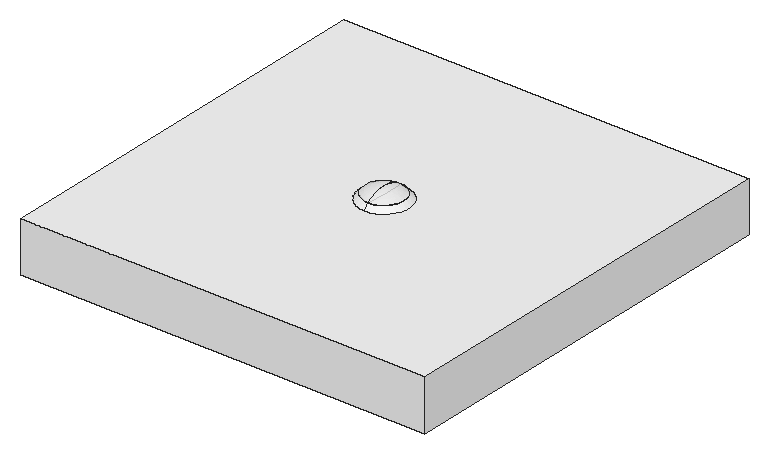
Revit family "Sarlam_Eclairage_Hublot_Chartres_Essentiel_T1_Diam_300mm_1500Lm", category Luminaires, Revit 2020
Family settings
  Hôte = Face
  Cote de connecteur circulaire = Utiliser le diamètre
  Type d'élément = Normal
  Couper avec des vides une fois chargée = Non
  Source d'éclairage = Oui
  Partagée = Non
  Point de calcul de pièce = Non
Parameters (values of type "Détection BLANC")
  Zone plafond formes 1à7 [instance] = and(not(Diamètre externe = 328 mm), or([Standard Formes 1-3-6]), not([Afficher la zone de détection-pose murale]), [Afficher la zone de détection-pose plafond])  # no
  Zone murale formes 1à7 [instance] = and(not(Diamètre externe = 328 mm), or([Standard Formes 1-3-6]), [Afficher la zone de détection-pose murale], not([Afficher la zone de détection-pose plafond]))  # no
  Zone de détection = "Détection à 2,5m haut Plafond: Ø6m maxi Mur: Ellipse 16*17m"
  URL = "http://www.legrandoc.com/SL532146"
  Type de variation = "Non régulable"
  Type de tension = "CA"
  Tension nominale (Un) V MIN = 207
  Tension nominale (Un) V MAX = 253
  built-in parameter 1150107 = 3200 (stored number, unit not read)
  Température de couleur K MIN = 4000
  Température de couleur K MAX = 4000
  Standard Formes 1-3-6 = yes
  Source lumineuse = "Led non interchangeable"
  Répartition lumineuse = "Symétrique"
  Puissance du système W = 15
  Puissance de la source lumineuse W = ""
  Puissance de la lampe en Multiwatt = "14/24W"
  Wattage = 9.2903 W
  built-in parameter 1150110 = 1 (stored number, unit not read)
  built-in parameter 1150109 = 1 (stored number, unit not read)
  built-in parameter 1114218 = 1 (stored number, unit not read)
  built-in parameter 1150113 = 1 (stored number, unit not read)
  built-in parameter 1150112 = 1 (stored number, unit not read)
  built-in parameter 1150137 = (empty or 0)
  built-in parameter 1150132 = (empty or 0)
  Modèle = "SL-532146"
  Longueur d'encastrement = 0 mm
  Longueur = 300 mm
  Largeur d'encastrement = 300 mm
  Largeur = 300 mm
  built-in parameter 1150105 = 109.82 (stored number, unit not read)
  built-in parameter 1150102 = (empty or 0)
  Hauteur/profondeur d'encastrement = 0 mm
  Hauteur/profondeur = 70 mm
  Dimming Lamp Color Temperature Shift = (empty or 0)
  Lumens = 1380 lm
  Color Filter = 16777215
  Fichier de distribution photométrique = "SL532106.ies"
  built-in parameter 1114217 = 1 (stored number, unit not read)
  built-in parameter 1150139 = (empty or 0)
  Fabricant = "LEGRAND"
  Emettre à partir du diamètre du cercle = 200 mm
  Emettre la visibilité des formes dans le rendu = no
  built-in parameter 1150104 = 13.8 (stored number, unit not read)
  built-in parameter 1150106 = 1.0982 (stored number, unit not read)
  built-in parameter 1150115 = 1 (stored number, unit not read)
  built-in parameter 1150114 = 1 (stored number, unit not read)
  Diamètre externe = 300 mm
  Diamètre d'encastrement = 0 mm
  Description = "CHARTRES ESSENTIEL 1500LM 4000K  STANDARD DETECTION HF BLANC"
  built-in parameter 1150138 = (empty or 0)
  built-in parameter 1150134 = 3
  Condition Générale d'Utilisation = "https://export.legrand.com/CGU-objets-BIM"
  Angle de l'inclinaison = 0.00°
  Afficher la zone de détection-pose plafond [instance] = no
  Afficher la zone de détection-pose murale [instance] = no
  Matériau du boîtier/corps = Plastique
  Indice de rendu des couleurs CRI = "80-89"
  Indice de protection contre les chocs (IK) = "IK10"
  Indice de protection (IP) = "IP55"
  Flux lumineux utile lm = 1500
  Elévation par défaut = 2500 mm
  Douille = "Sans"
  Courant nominal mA MIN = 59
  Courant nominal mA MAX = 73
  Couleur du boîtier/corps = LEGRAND - Blanc
  Classe de protection = "II"
  Avec détecteur de mouvement = yes
  Avec détecteur crépusculaire = yes
  Appareillage = "Appareil à LED commandé en courant"
  Angle du faisceau = "Faisceau libre"
  Afficher l'étiquette de zone [instance] = no
  Adapté à une suspension = no
  Adapté à un montage encastré = no
  Adapté à un montage en saillie = yes
  Adapté à un montage en applique = yes
  Adapté à un montage au plafond = yes
  built-in parameter 1150133 = 10 (stored number, unit not read)
Types (6, lengths in mm): name | Zone de détection | URL | Puissance du système W | Modèle | Description | Courant nominal mA MIN | Courant nominal mA MAX | Couleur du boîtier/corps | Avec détecteur de mouvement | Avec détecteur crépusculaire
  ON/OFF BLANC | "" | "http://www.legrandoc.com/SL532106" | 14 | "SL-532106" | "CHARTRES ESSENTIEL 1500LM 4000K STANDARD ON/OFF BLANC" | 55 | 68 | LEGRAND - Blanc | no | no
  ON/OFF ANTHRACITE | "" | "http://www.legrandoc.com/SL532107" | 14 | "SL-532107" | "CHARTRES ESSENTIEL 1500LM 4000K STANDARD ON/OFF ANTHRACITE" | 55 | 68 | LEGRAND - Anthracite | no | no
  ON/OFF GRIS METAL | "" | "http://www.legrandoc.com/SL532108" | 14 | "SL-532108" | "CHARTRES ESSENTIEL 1500LM 4000K STANDARD ON/OFF GRIS METAL" | 55 | 68 | LEGRAND - Gris métal | no | no
  Détection BLANC | "Détection à 2,5m haut Plafond: Ø6m maxi Mur: Ellipse 16*17m" | "http://www.legrandoc.com/SL532146" | 15 | "SL-532146" | "CHARTRES ESSENTIEL 1500LM 4000K  STANDARD DETECTION HF BLANC" | 59 | 73 | LEGRAND - Blanc | yes | yes
  Détection ANTHRACITE | "Détection à 2,5m haut Plafond: Ø6m maxi Mur: Ellipse 16*17m" | "http://www.legrandoc.com/SL532147" | 15 | "SL-532147" | "CHARTRES ESSENTIEL 1500LM 4000K  STANDARD DETECTION HF ANTHRACITE" | 59 | 73 | LEGRAND - Anthracite | yes | yes
  Détection GRIS METAL | "Détection à 2,5m haut Plafond: Ø6m maxi Mur: Ellipse 16*17m" | "http://www.legrandoc.com/SL532148" | 15 | "SL-532148" | "CHARTRES ESSENTIEL 1500LM 4000K  STANDARD DETECTION HF GRIS METAL" | 59 | 73 | LEGRAND - Gris métal | yes | yes
Reference planes
  plane 1 "Centre (avant/arrière)": y = 0
  plane 2: z = 0
  plane 3 "Centre (gauche/droite)": x = 0
  plane 4: z = 90
Forms (mm)
  Extrusion 1, solid, material "Blanc"
    sketch origin (0, 0, 0) x (1, 0, 0) y (0, 1, 0)
      loop
        line (-1219.2, 1219.2) -> (-1219.2, -1219.2) -> (1219.2, -1219.2) -> (1219.2, 1219.2) -> (-1219.2, 1219.2)
    from 0 to -304.8
Lines and regions (mm)
  model lines, not visible
    curve 1: line (0, 0, 0) -> (0, 0, 2230)
    curve 2: line (0, 0, 0) -> (0, 3300, 0)
    curve 3: line (0, 0, 0) -> (-2620, 0, 0)
Dimensions and locks
  level to plane 4 = 90 mm
  aligned and locked: plane 2 to Extrusion 1
  aligned and locked: level to Extrusion 1
  aligned and locked: imposter light to plane 4
  aligned and locked: plane 3 "Centre (gauche/droite)" to imposter light
Nested families
  nested 1: "Zone de détection murale Chartres-Astreo" at (0, 0, 0) x (0, 0, 1) z (0, -1, 0), visible <- "Afficher la zone de détection-pose murale", type "Zone de détection murale"
  nested 2: "Formes 1-2-3-4-6-7-8-9" at (0, 0, 0), type "Formes"
    with Standard Formes 1-3-6 yes, Fl 70 mm, Dimension hublot 121.1 mm, Diamètre total 300 mm, Courbure 195.7 mm
  nested 3: "Zone de détection plafond Chartres-Astreo" at (0, 0, 2500), visible <- "Afficher la zone de détection-pose plafond", type "Zone de détection plafond"
    with Zone plafond Formes 8à9 no
  nested 4: "Zone de détection murale Chartres-Astreo" at (0, 0, 0) x (0, 0, 1) z (1, 0, 0), visible <- "Afficher la zone de détection-pose murale", type "Zone de détection murale"
  nested 5: "Etiquette de zone" at (-40, 225, 0) x (-1, 0, 0) z (0, 0, 1), visible <- "Afficher l'étiquette de zone", type "Etiquette de zone"
Connectors
  electrical at (0, 0, 0)
    settings: on nested 2, index 1, voltage 230 V, apparent load 0 VA, apparent load phase1 0 VA, apparent load phase2 0 VA, apparent load phase3 0 VA, power factor 1, load classification "Eclairage", number of poles 1, system type 30, power factor state 1, is connector primary yes, connector utility no, sub classification motor no, connector description ""
Definition of nested family "Formes 1-2-3-4-6-7-8-9"
  Parameters (values of type "Formes")
    Standard Forme 8 = no
    Standard Formes 1-3-6 = no
    Matériau hublot = none
    Matériau corps = none
    Fl = if(Diamètre total < 325 mm, 70 mm, if(Diamètre total = 328 mm, 107 mm, 90 mm))  # 107 mm
    Default Elevation = 0 mm
    Dimension hublot = if(Diamètre total = 300 mm, 121.1 mm, if(Diamètre total = 322 mm, 129.3 mm, if(Diamètre total = 328 mm, 148.6 mm, if(Diamètre total = 420 mm, 179.2 mm, 185.3 mm))))  # 148.6 mm
    Diamètre total = 328 mm
    Courbure = if(Diamètre total = 300 mm, 195.7 mm, if(Diamètre total = 322 mm, 220.2 mm, if(Diamètre total = 328 mm, 179.2 mm, if(Diamètre total = 420 mm, 290 mm, 307.8 mm))))  # 179.2 mm
    Couleur corps = none
    Antivandale Forme 9 = no
    Antivandale Formes 2-4-7 = no
  Reference planes
    plane 1 "Centre (avant/arrière)": y = 0
    plane 2: z = 0
    plane 3 "Centre (gauche/droite)": x = 0
    plane 4: y = 164
    plane 5: y = -164
    plane 6: y = 148.6
  Forms (mm)
    Revolve 1, solid, material <- "Matériau hublot"
      sketch origin (0, 0, 0) x (0, 0, -1) y (0, 1, 0)
        loop
          arc (-28, 148.6) -> (-86.03, 84.151) -> (-107, 0) r 179.2
          line (-107, 0) -> (-28, 0) -> (-28, 148.6)
        axis (-28, 0) -> (-107, 0)
      angle from 0 to 360
  Dimensions and locks
    equal spacing: plane 4, plane 1 "Centre (avant/arrière)", plane 5
    "Diamètre total": plane 4 to plane 5
    equal spacing: plane 5, plane 1 "Centre (avant/arrière)", plane 4
    "Dimension hublot": plane 1 "Centre (avant/arrière)" to plane 6
    "Fl": Revolve 1 sketch curve to plane 2
    "Courbure": radius of Revolve 1 sketch curve
    aligned and locked: level to plane 2
    aligned and locked: plane 6 to Revolve 1 sketch curve
    aligned and locked: plane 2 to nested 2
  Automatic sketch dimensions
    Revolve 1 sketch curve to plane 1 "Centre (avant/arrière)" = 0 mm  (x2)
    level to Revolve 1 sketch curve = 28 mm
    Revolve 1 sketch curve to Revolve 1 sketch curve = 1811.469 mm
    Revolve 1 sketch curve to Revolve 1 sketch curve = 1147.22 mm
  Nested families
    nested 1: "Corps standard Formes 1-3-6" at (0, 0, 0), visible <- "Standard Formes 1-3-6", type "Corps standard Formes 1-3-6"
      with Diamètre 328 mm
    nested 2: "Corps antivandale Formes 2-4-7" at (0, 0, 0), visible <- "Antivandale Formes 2-4-7", type "Corps antivandale Formes 2-4-7"
      with Diamètre 328 mm
    nested 3: "Corps standard Forme 8" at (0, 0, 0), visible <- "Standard Forme 8", type "Corps standard Forme 8"
    nested 4: "Corps antivandale Forme 9" at (0, 0, 0), visible <- "Antivandale Forme 9", type "Corps antivandale Forme 9"
  Definition of nested family "Corps standard Formes 1-3-6"
    Parameters (values of type "Corps standard")
      Matériau corps = none
      Default Elevation = 0 mm
      Couleur corps = none
      Diamètre = 322 mm
      Courbure = if(Diamètre < 400 mm, 195.7 mm, 290 mm)  # 195.7 mm
    Reference planes
      plane 1 "Centre (avant/arrière)": y = 0
      plane 2: z = 0
      plane 3 "Centre (gauche/droite)": x = 0
      plane 4: y = 161
      plane 5: y = -161
      plane 6: z = 28
    Forms (mm)
      Revolve 1, solid, material <- "Couleur corps"
        sketch origin (0, 0, 0) x (0, 0, -1) y (0, 1, 0)
          loop
            line (0, 0) -> (0, 161)
            arc (0, 161) -> (-14.55, 149.906) -> (-28, 137.502) r 195.7
            line (-28, 137.502) -> (-28, 0) -> (0, 0)
          axis (0, 0) -> (-28, 0)
        angle from 0 to 360
    Dimensions and locks
      equal spacing: plane 4, plane 1 "Centre (avant/arrière)", plane 5
      "Diamètre": plane 4 to plane 5
      equal spacing: plane 5, plane 1 "Centre (avant/arrière)", plane 4
      "Courbure": radius of Revolve 1 sketch curve
      aligned and locked: level to plane 2
      aligned and locked: plane 2 to Revolve 1  (x2)
      aligned and locked: Revolve 1 to plane 2
      aligned and locked: plane 6 to Revolve 1
    Automatic sketch dimensions
      Revolve 1 sketch curve to plane 1 "Centre (avant/arrière)" = 0 mm  (x3)
      Revolve 1 sketch curve to plane 6 = 0 mm
      Revolve 1 sketch curve to level = 0 mm
      Revolve 1 sketch curve to plane 4 = 0 mm
      plane 6 to Revolve 1 sketch curve = 1833.51 mm
      Revolve 1 sketch curve to Revolve 1 sketch curve = 1167.217 mm
  Definition of nested family "Corps antivandale Formes 2-4-7"
    Parameters (values of type "Corps antivandale")
      Rayon réseau vis = if(Diamètre < 400 mm, 137.2 mm, 193.2 mm)  # 137.2 mm
      Matériau corps = none
      Default Elevation = 0 mm
      Diamètre = 322 mm
      Courbure = if(Diamètre < 400 mm, 220.2 mm, 307.8 mm)  # 220.2 mm
      Couleur corps = none
    Reference planes
      plane 1 "Centre (avant/arrière)": y = 0
      plane 2: z = 0
      plane 3 "Centre (gauche/droite)": x = 0
      plane 4: y = 161
      plane 5: y = -161
      plane 6: z = 28
      plane 7: through (0, 0, 1200) normal (0.5, 0.866, 0)
      plane 8: through (0, 0, 1200) normal (0.5, -0.866, 0)
    Forms (mm)
      Revolve 1, solid, material <- "Couleur corps"
        sketch origin (0, 0, 0) x (0, 0, -1) y (0, 1, 0)
          loop
            line (0, 0) -> (0, 161)
            arc (0, 161) -> (-14.762, 145.835) -> (-28, 129.323) r 220.2
            line (-28, 129.323) -> (-28, 0) -> (0, 0)
          axis (0, 0) -> (-28, 0)
        angle from 0 to 360
      Extrusion 2, solid, material <- "Couleur corps"
        sketch origin (0, -0.04, 0) x (1, 0, 0) y (0, 1, 0)
          loop
            line (-4, 129.32) -> (-4, 137.3)
            arc (-4, 137.3) -> (0, 141.3) -> (4, 137.3) r 4
            line (4, 137.3) -> (4, 129.32)
            arc (4, 129.32) -> (5, 129.285) -> (6, 129.243) r 129.323
            line (6, 129.243) -> (6, 137.3)
            arc (6, 137.3) -> (0, 143.3) -> (-6, 137.3) r 6
            line (-6, 137.3) -> (-6, 129.243)
            arc (-6, 129.243) -> (-5, 129.285) -> (-4, 129.32) r 129.323
        from 15.189 to 28
      Extrusion 3, solid, material <- "Couleur corps"
        sketch origin (-0.035, 0.02, 0) x (-0.5, -0.866025, 0) y (0.866025, -0.5, 0)
          loop
            line (-4, 129.32) -> (-4, 137.3)
            arc (-4, 137.3) -> (0, 141.3) -> (4, 137.3) r 4
            line (4, 137.3) -> (4, 129.32)
            arc (4, 129.32) -> (5, 129.285) -> (6, 129.243) r 129.323
            line (6, 129.243) -> (6, 137.3)
            arc (6, 137.3) -> (0, 143.3) -> (-6, 137.3) r 6
            line (-6, 137.3) -> (-6, 129.243)
            arc (-6, 129.243) -> (-5, 129.285) -> (-4, 129.32) r 129.323
        from 15.189 to 28
      Extrusion 4, solid, material <- "Couleur corps"
        sketch origin (0.035, 0.02, 0) x (-0.5, 0.866025, 0) y (-0.866025, -0.5, 0)
          loop
            line (-4, 129.32) -> (-4, 137.3)
            arc (-4, 137.3) -> (0, 141.3) -> (4, 137.3) r 4
            line (4, 137.3) -> (4, 129.32)
            arc (4, 129.32) -> (5, 129.285) -> (6, 129.243) r 129.323
            line (6, 129.243) -> (6, 137.3)
            arc (6, 137.3) -> (0, 143.3) -> (-6, 137.3) r 6
            line (-6, 137.3) -> (-6, 129.243)
            arc (-6, 129.243) -> (-5, 129.285) -> (-4, 129.32) r 129.323
        from 15.189 to 28
      Revolve 5, solid
        sketch origin (0, 0.018, -12.656) x (0, 1, 0) y (0, 0, 1)
          loop
            line (136.525, 38.942) -> (136.525, 29.094) -> (136.962, 29.907) -> (137.751, 35.518) -> (140.148, 38.942) -> (136.525, 38.942)
          axis (136.525, 29.094) -> (136.525, 38.942)
        angle from 0 to 360
      Revolve 6, solid
        sketch origin (0.016, -0.009, -12.656) x (0.866025, -0.5, 0) y (0, 0, 1)
          loop
            line (136.525, 38.942) -> (136.525, 29.094) -> (136.962, 29.907) -> (137.751, 35.518) -> (140.148, 38.942) -> (136.525, 38.942)
          axis (136.525, 29.094) -> (136.525, 38.942)
        angle from 0 to 360
      Revolve 7, solid
        sketch origin (-0.016, -0.009, -12.656) x (-0.866025, -0.5, 0) y (0, 0, 1)
          loop
            line (136.525, 38.942) -> (136.525, 29.094) -> (136.962, 29.907) -> (137.751, 35.518) -> (140.148, 38.942) -> (136.525, 38.942)
          axis (136.525, 29.094) -> (136.525, 38.942)
        angle from 0 to 360
    Cuts and joins
      joined: Revolve 1, Extrusion 2
    Lines and regions (mm)
      model lines
        curve 1: line (-2.5, 136.543, 26.285) -> (2.5, 136.543, 26.285)
        curve 2: line (0, 138.995, 26.285) -> (0, 133.995, 26.285)
        curve 3: line (119.5, -66.107, 26.285) -> (117, -70.437, 26.285)
        curve 4: line (120.373, -69.497, 26.285) -> (116.043, -66.997, 26.285)
        curve 5: line (-117, -70.437, 26.285) -> (-119.5, -66.107, 26.285)
        curve 6: line (-120.373, -69.497, 26.285) -> (-116.043, -66.997, 26.285)
    Dimensions and locks
      equal spacing: plane 4, plane 1 "Centre (avant/arrière)", plane 5
      "Diamètre": plane 4 to plane 5
      equal spacing: plane 5, plane 1 "Centre (avant/arrière)", plane 4
      "Courbure": radius of Revolve 1 sketch curve
      "Rayon réseau vis": radius of radial array
      aligned and locked: level to plane 2
      aligned and locked: plane 2 to Revolve 1  (x2)
      aligned and locked: Revolve 1 to plane 2
      aligned and locked: plane 6 to Revolve 1
    Automatic sketch dimensions
      Extrusion 2 sketch curve to Extrusion 2 sketch curve = 0 mm  (x9)
      Extrusion 2 sketch curve to Extrusion 2 sketch curve = 7.98 mm
      Extrusion 2 sketch curve to Extrusion 2 sketch curve = 0.077 mm
      Extrusion 2 sketch curve to Extrusion 2 sketch curve = 2 mm
      Extrusion 2 sketch curve to Extrusion 2 sketch curve = 4 mm
      Extrusion 2 sketch curve to Extrusion 2 sketch curve = 6 mm
      Extrusion 3 sketch curve to Extrusion 3 sketch curve = 0 mm  (x9)
      Extrusion 3 sketch curve to Extrusion 3 sketch curve = 7.98 mm
      Extrusion 3 sketch curve to Extrusion 3 sketch curve = 0.077 mm
      Extrusion 3 sketch curve to Extrusion 3 sketch curve = 2 mm
      Extrusion 3 sketch curve to Extrusion 3 sketch curve = 4 mm
      Extrusion 3 sketch curve to Extrusion 3 sketch curve = 6 mm
      Extrusion 4 sketch curve to Extrusion 4 sketch curve = 0 mm  (x9)
      Extrusion 4 sketch curve to Extrusion 4 sketch curve = 7.98 mm
      Extrusion 4 sketch curve to Extrusion 4 sketch curve = 0.077 mm
      Extrusion 4 sketch curve to Extrusion 4 sketch curve = 2 mm
      Extrusion 4 sketch curve to Extrusion 4 sketch curve = 4 mm
      Extrusion 4 sketch curve to Extrusion 4 sketch curve = 6 mm
      Revolve 7 sketch curve to Revolve 7 sketch curve = 0.437 mm  (x2)
      Revolve 7 sketch curve to Revolve 7 sketch curve = 1.226 mm  (x2)
      Revolve 7 sketch curve to Revolve 7 sketch curve = 2.397 mm
      Revolve 7 sketch curve to Revolve 7 sketch curve = 0.813 mm  (x2)
      Revolve 7 sketch curve to Revolve 7 sketch curve = 5.611 mm  (x2)
      Revolve 7 sketch curve to Revolve 7 sketch curve = 3.424 mm  (x2)
      Revolve 7 sketch curve to Revolve 7 sketch curve = 0 mm  (x2)
      Revolve 7 sketch curve to Revolve 7 sketch curve = 0.975 mm
      Revolve 7 sketch curve to Revolve 7 sketch curve = 3.281 mm  (x2)
      Revolve 5 sketch curve to Revolve 5 sketch curve = 0.437 mm  (x2)
      Revolve 5 sketch curve to Revolve 5 sketch curve = 1.226 mm  (x2)
      Revolve 5 sketch curve to Revolve 5 sketch curve = 3.623 mm
      Revolve 5 sketch curve to Revolve 5 sketch curve = 5.611 mm  (x2)
      Revolve 5 sketch curve to Revolve 5 sketch curve = 3.424 mm  (x2)
      Revolve 5 sketch curve to Revolve 5 sketch curve = 0 mm  (x2)
      Revolve 5 sketch curve to Revolve 5 sketch curve = 0.813 mm  (x2)
      Revolve 5 sketch curve to Revolve 5 sketch curve = 0.162 mm
      Revolve 5 sketch curve to Revolve 5 sketch curve = 3.281 mm  (x2)
      Revolve 6 sketch curve to Revolve 6 sketch curve = 0.437 mm  (x2)
      Revolve 6 sketch curve to Revolve 6 sketch curve = 1.226 mm  (x2)
      Revolve 6 sketch curve to Revolve 6 sketch curve = 3.623 mm
      Revolve 6 sketch curve to Revolve 6 sketch curve = 5.611 mm  (x2)
      Revolve 6 sketch curve to Revolve 6 sketch curve = 3.424 mm  (x2)
      Revolve 6 sketch curve to Revolve 6 sketch curve = 0 mm  (x2)
      Revolve 6 sketch curve to Revolve 6 sketch curve = 0.813 mm  (x2)
      Revolve 6 sketch curve to Revolve 6 sketch curve = 0.162 mm
      Revolve 6 sketch curve to Revolve 6 sketch curve = 3.281 mm  (x2)
      Revolve 7 sketch curve to Revolve 7 sketch curve = 3.623 mm
      Revolve 7 sketch curve to Revolve 7 sketch curve = 0.162 mm
      curve 2 to Revolve 5 = 0 mm
      curve 2 to curve 1 = 2.548 mm
      curve 1 to curve 2 = 2.452 mm
      Revolve 5 to curve 1 = 2.5 mm
      curve 1 to Revolve 5 = 2.5 mm
      curve 4 to Revolve 6 = 0 mm
      curve 4 to curve 3 = 2.548 mm
      curve 3 to curve 4 = 2.452 mm
      Revolve 6 to curve 3 = 2.5 mm
      curve 3 to Revolve 6 = 2.5 mm
      curve 6 to Revolve 7 = 0 mm
      curve 6 to curve 5 = 2.548 mm
      curve 5 to curve 6 = 2.452 mm
      Revolve 7 to curve 5 = 2.5 mm
      curve 5 to Revolve 7 = 2.5 mm
      Revolve 5 sketch curve to Revolve 5 sketch curve = 2.397 mm
      Revolve 5 sketch curve to Revolve 5 sketch curve = 0.975 mm
      Revolve 6 sketch curve to Revolve 6 sketch curve = 2.397 mm
      Revolve 6 sketch curve to Revolve 6 sketch curve = 0.975 mm
      Revolve 1 sketch curve to plane 1 "Centre (avant/arrière)" = 0 mm  (x3)
      Revolve 1 sketch curve to plane 6 = 0 mm
      Revolve 1 sketch curve to level = 0 mm
      Revolve 1 sketch curve to plane 4 = 0 mm
      plane 6 to Revolve 1 sketch curve = 1833.51 mm
      Revolve 1 sketch curve to Revolve 1 sketch curve = 1128.321 mm
  Definition of nested family "Corps standard Forme 8"
    Parameters (values of type "Corps standard Forme 8")
      Matériau corps = none
      Default Elevation = 0 mm
      Couleur corps = none
      Diamètre = 328 mm
    Reference planes
      plane 1 "Centre (avant/arrière)": y = 0
      plane 2: z = 0
      plane 3 "Centre (gauche/droite)": x = 0
      plane 4: y = 164
      plane 5: y = -164
      plane 6: z = 28
      plane 7: y = 7.5
      plane 8: y = -7.5
    Forms (mm)
      Revolve 1, solid, material <- "Couleur corps"
        sketch origin (0, 0, 0) x (0, 0, -1) y (0, 1, 0)
          loop
            line (0, 0) -> (0, 164)
            arc (0, 164) -> (-14.345, 156.905) -> (-28, 148.559) r 179.182
            line (-28, 148.559) -> (-28, 0) -> (0, 0)
          axis (0, 0) -> (-28, 0)
        angle from 0 to 360
      Sweep 2, void
        path origin (0, 0, 0) x (1, 0, 0) y (0, 1, 0)
          loop
            arc (153.049, 7.5) -> (0, 153.232) -> (-153.049, 7.5) r 153.232
        profile origin (0, 153.232, 0) x (0, -1, 0) y (0, 0, 1)
          loop
            line (-5.469, 6.213) -> (-10.469, 16.465) -> (-10.469, 6.213) -> (-5.469, 6.213)
      Sweep 3, void
        path origin (0, 0, 0) x (1, 0, 0) y (0, 1, 0)
          loop
            arc (153.049, 7.5) -> (0, 153.232) -> (-153.049, 7.5) r 153.232
        profile origin (0, 153.232, 0) x (0, -1, 0) y (0, 0, 1)
          loop
            line (-1.643, 13.471) -> (-6.643, 23.723) -> (-6.643, 13.471) -> (-1.643, 13.471)
      Sweep 4, void
        path origin (0, 0, 0) x (1, 0, 0) y (0, -1, 0)
          loop
            arc (153.049, 7.5) -> (0, 153.232) -> (-153.049, 7.5) r 153.232
        profile origin (0, -153.232, 0) x (0, -1, 0) y (0, 0, 1)
          loop
            line (1.643, 13.471) -> (6.643, 13.471) -> (6.643, 23.723) -> (1.643, 13.471)
      Sweep 5, void
        path origin (0, 0, 0) x (1, 0, 0) y (0, -1, 0)
          loop
            arc (153.049, 7.5) -> (0, 153.232) -> (-153.049, 7.5) r 153.232
        profile origin (0, -153.232, 0) x (0, -1, 0) y (0, 0, 1)
          loop
            line (5.469, 6.213) -> (10.469, 6.213) -> (10.469, 16.465) -> (5.469, 6.213)
    Cuts and joins
      Sweep 2, Sweep 3, Sweep 4, Sweep 5 cuts Revolve 1
    Dimensions and locks
      equal spacing: plane 4, plane 1 "Centre (avant/arrière)", plane 5
      "Diamètre": plane 4 to plane 5
      equal spacing: plane 5, plane 1 "Centre (avant/arrière)", plane 4
      aligned and locked: level to plane 2
      aligned and locked: plane 2 to Revolve 1  (x2)
      aligned and locked: Revolve 1 to plane 2
      aligned and locked: plane 6 to Revolve 1
    Automatic sketch dimensions
      Sweep 2 sketch curve to plane 7 = 0 mm  (x2)
      plane 1 "Centre (avant/arrière)" to Sweep 2 sketch curve = 0 mm
      Sweep 2 sketch curve to plane 3 "Centre (gauche/droite)" = 0 mm
      Sweep 2 sketch curve to plane 3 "Centre (gauche/droite)" = 153.049 mm
      Sweep 3 sketch curve to plane 7 = 0 mm  (x2)
      plane 1 "Centre (avant/arrière)" to Sweep 3 sketch curve = 0 mm
      Sweep 3 sketch curve to plane 3 "Centre (gauche/droite)" = 0 mm
      Sweep 3 sketch curve to plane 3 "Centre (gauche/droite)" = 153.049 mm
      Sweep 4 sketch curve to plane 8 = 0 mm  (x2)
      plane 1 "Centre (avant/arrière)" to Sweep 4 sketch curve = 0 mm
      Sweep 4 sketch curve to plane 3 "Centre (gauche/droite)" = 0 mm
      plane 3 "Centre (gauche/droite)" to Sweep 4 sketch curve = 153.049 mm
      Sweep 5 sketch curve to plane 8 = 0 mm  (x2)
      plane 1 "Centre (avant/arrière)" to Sweep 5 sketch curve = 0 mm
      Sweep 5 sketch curve to plane 3 "Centre (gauche/droite)" = 0 mm
      plane 3 "Centre (gauche/droite)" to Sweep 5 sketch curve = 153.049 mm
      Revolve 1 sketch curve to plane 1 "Centre (avant/arrière)" = 0 mm  (x3)
      Revolve 1 sketch curve to plane 6 = 0 mm
      Revolve 1 sketch curve to level = 0 mm
      Revolve 1 sketch curve to plane 4 = 0 mm
      Revolve 1 sketch curve to Revolve 1 sketch curve = 72.182 mm
      plane 6 to Revolve 1 sketch curve = 1833.51 mm
      Revolve 1 sketch curve to Revolve 1 sketch curve = 1201.817 mm
      profile plane to Sweep 2 sketch curve = 10.469 mm
      Sweep 2 sketch curve to Sweep 2 sketch curve = 5 mm
      level to Sweep 2 sketch curve = 6.213 mm
      Sweep 2 sketch curve to Sweep 2 sketch curve = 10.252 mm
      profile plane to Sweep 3 sketch curve = 6.643 mm
      profile plane to Sweep 3 sketch curve = 1.643 mm
      level to Sweep 3 sketch curve = 13.471 mm
      Sweep 3 sketch curve to Sweep 3 sketch curve = 10.252 mm
      Sweep 4 sketch curve to profile plane = 1.643 mm
      Sweep 4 sketch curve to profile plane = 6.643 mm
      level to Sweep 4 sketch curve = 13.471 mm
      Sweep 4 sketch curve to Sweep 4 sketch curve = 10.252 mm
      Sweep 5 sketch curve to profile plane = 5.469 mm
      Sweep 5 sketch curve to profile plane = 10.469 mm
      level to Sweep 5 sketch curve = 6.213 mm
      Sweep 5 sketch curve to Sweep 5 sketch curve = 10.252 mm
  Definition of nested family "Corps antivandale Forme 9"
    Parameters (values of type "Corps antivandale Forme 9")
      Matériau corps = none
      Default Elevation = 0 mm
      Couleur corps = none
      Diamètre = 328 mm
    Reference planes
      plane 1 "Centre (avant/arrière)": y = 0
      plane 2: z = 0
      plane 3 "Centre (gauche/droite)": x = 0
      plane 4: y = 164
      plane 5: y = -164
      plane 6: z = 28
      plane 7: y = 7.5
      plane 8: y = -7.5
    Forms (mm)
      Revolve 1, solid, material <- "Couleur corps"
        sketch origin (0, 0, 0) x (0, 0, -1) y (0, 1, 0)
          loop
            line (0, 0) -> (0, 164)
            arc (0, 164) -> (-14.345, 156.905) -> (-28, 148.559) r 179.182
            line (-28, 148.559) -> (-28, 0) -> (0, 0)
          axis (0, 0) -> (-28, 0)
        angle from 0 to 360
      Extrusion 2, void
        sketch origin (-1.406, 0, 0) x (1, 0, 0) y (0, 1, 0)
          loop
            circle (157.486, 0) r 5
        from 5.665 to 28
      Sweep 3, void
        path origin (0, 0, 0) x (1, 0, 0) y (0, 1, 0)
          loop
            arc (153.049, 7.5) -> (0, 153.232) -> (-153.049, 7.5) r 153.232
        profile origin (0, 153.232, 0) x (0, -1, 0) y (0, 0, 1)
          loop
            line (-5.469, 6.213) -> (-10.469, 16.465) -> (-10.469, 6.213) -> (-5.469, 6.213)
      Extrusion 4, void
        sketch origin (1.406, 0, 0) x (-1, 0, 0) y (0, -1, 0)
          loop
            circle (157.486, 0) r 5
        from 5.665 to 28
      Sweep 5, void
        path origin (0, 0, 0) x (1, 0, 0) y (0, 1, 0)
          loop
            arc (153.049, 7.5) -> (0, 153.232) -> (-153.049, 7.5) r 153.232
        profile origin (0, 153.232, 0) x (0, -1, 0) y (0, 0, 1)
          loop
            line (-1.643, 13.471) -> (-6.643, 23.723) -> (-6.643, 13.471) -> (-1.643, 13.471)
      Sweep 6, void
        path origin (0, 0, 0) x (1, 0, 0) y (0, -1, 0)
          loop
            arc (153.049, 7.5) -> (0, 153.232) -> (-153.049, 7.5) r 153.232
        profile origin (0, -153.232, 0) x (0, -1, 0) y (0, 0, 1)
          loop
            line (1.643, 13.471) -> (6.643, 13.471) -> (6.643, 23.723) -> (1.643, 13.471)
      Sweep 7, void
        path origin (0, 0, 0) x (1, 0, 0) y (0, -1, 0)
          loop
            arc (153.049, 7.5) -> (0, 153.232) -> (-153.049, 7.5) r 153.232
        profile origin (0, -153.232, 0) x (0, -1, 0) y (0, 0, 1)
          loop
            line (5.469, 6.213) -> (10.469, 6.213) -> (10.469, 16.465) -> (5.469, 6.213)
      Revolve 8, solid
        sketch origin (-156.149, -136.533, -30.469) x (0, 1, 0) y (0, 0, 1)
          loop
            line (136.525, 38.942) -> (136.525, 31.651) -> (137.319, 32.445) -> (137.923, 36.741) -> (139.106, 38.942) -> (136.525, 38.942)
          axis (136.525, 31.651) -> (136.525, 38.942)
        angle from 0 to 360
      Revolve 9, solid
        sketch origin (156.149, -136.533, -30.469) x (0, 1, 0) y (0, 0, -1)
          loop
            line (136.525, -38.942) -> (139.106, -38.942) -> (137.923, -36.741) -> (137.319, -32.445) -> (136.525, -31.651) -> (136.525, -38.942)
          axis (136.525, -31.651) -> (136.525, -38.942)
        angle from 0 to 360
    Cuts and joins
      Extrusion 2, Sweep 3, Extrusion 4, Sweep 5, Sweep 6, Sweep 7 cuts Revolve 1
    Lines and regions (mm)
      model lines
        curve 1: line (-156.149, 1.39, 8.473) -> (-156.149, -1.406, 8.473)
        curve 2: line (-157.503, 0, 8.473) -> (-154.615, 0, 8.473)
        curve 3: line (156.149, 1.39, 8.473) -> (156.149, -1.406, 8.473)
        curve 4: line (157.503, 0, 8.473) -> (154.615, 0, 8.473)
    Dimensions and locks
      equal spacing: plane 4, plane 1 "Centre (avant/arrière)", plane 5
      "Diamètre": plane 4 to plane 5
      equal spacing: plane 5, plane 1 "Centre (avant/arrière)", plane 4
      aligned and locked: level to plane 2
      aligned and locked: plane 2 to Revolve 1  (x2)
      aligned and locked: Revolve 1 to plane 2
      aligned and locked: plane 6 to Revolve 1
    Automatic sketch dimensions
      plane 1 "Centre (avant/arrière)" to Extrusion 2 sketch curve = 0 mm
      plane 3 "Centre (gauche/droite)" to Extrusion 2 sketch curve = 156.08 mm
      Sweep 3 sketch curve to plane 7 = 0 mm  (x2)
      plane 1 "Centre (avant/arrière)" to Sweep 3 sketch curve = 0 mm
      Sweep 3 sketch curve to plane 3 "Centre (gauche/droite)" = 0 mm
      Sweep 3 sketch curve to plane 3 "Centre (gauche/droite)" = 153.049 mm
      plane 1 "Centre (avant/arrière)" to Extrusion 4 sketch curve = 0 mm
      plane 3 "Centre (gauche/droite)" to Extrusion 4 sketch curve = 156.08 mm
      Sweep 5 sketch curve to plane 7 = 0 mm  (x2)
      plane 1 "Centre (avant/arrière)" to Sweep 5 sketch curve = 0 mm
      Sweep 5 sketch curve to plane 3 "Centre (gauche/droite)" = 0 mm
      Sweep 5 sketch curve to plane 3 "Centre (gauche/droite)" = 153.049 mm
      Sweep 6 sketch curve to plane 8 = 0 mm  (x2)
      plane 1 "Centre (avant/arrière)" to Sweep 6 sketch curve = 0 mm
      Sweep 6 sketch curve to plane 3 "Centre (gauche/droite)" = 0 mm
      plane 3 "Centre (gauche/droite)" to Sweep 6 sketch curve = 153.049 mm
      Sweep 7 sketch curve to plane 8 = 0 mm  (x2)
      plane 1 "Centre (avant/arrière)" to Sweep 7 sketch curve = 0 mm
      Sweep 7 sketch curve to plane 3 "Centre (gauche/droite)" = 0 mm
      plane 3 "Centre (gauche/droite)" to Sweep 7 sketch curve = 153.049 mm
      Revolve 1 sketch curve to plane 1 "Centre (avant/arrière)" = 0 mm  (x3)
      Revolve 1 sketch curve to plane 6 = 0 mm
      Revolve 1 sketch curve to level = 0 mm
      Revolve 1 sketch curve to plane 4 = 0 mm
      Revolve 1 sketch curve to Revolve 1 sketch curve = 72.182 mm
      plane 6 to Revolve 1 sketch curve = 1833.51 mm
      Revolve 1 sketch curve to Revolve 1 sketch curve = 1201.817 mm
      profile plane to Sweep 3 sketch curve = 10.469 mm
      Sweep 3 sketch curve to Sweep 3 sketch curve = 5 mm
      level to Sweep 3 sketch curve = 6.213 mm
      Sweep 3 sketch curve to Sweep 3 sketch curve = 10.252 mm
      profile plane to Sweep 5 sketch curve = 6.643 mm
      profile plane to Sweep 5 sketch curve = 1.643 mm
      level to Sweep 5 sketch curve = 13.471 mm
      Sweep 5 sketch curve to Sweep 5 sketch curve = 10.252 mm
      Sweep 6 sketch curve to profile plane = 1.643 mm
      Sweep 6 sketch curve to profile plane = 6.643 mm
      level to Sweep 6 sketch curve = 13.471 mm
      Sweep 6 sketch curve to Sweep 6 sketch curve = 10.252 mm
      Sweep 7 sketch curve to profile plane = 5.469 mm
      Sweep 7 sketch curve to profile plane = 10.469 mm
      level to Sweep 7 sketch curve = 6.213 mm
      Sweep 7 sketch curve to Sweep 7 sketch curve = 10.252 mm
      plane 1 "Centre (avant/arrière)" to Revolve 8 sketch curve = 0.008 mm  (x2)
      Revolve 8 sketch curve to plane 1 "Centre (avant/arrière)" = 0.786 mm
      Revolve 8 sketch curve to plane 1 "Centre (avant/arrière)" = 1.39 mm
      Revolve 8 sketch curve to Revolve 8 sketch curve = 1.183 mm
      level to Revolve 8 sketch curve = 1.183 mm
      Revolve 8 sketch curve to Revolve 8 sketch curve = 0.794 mm
      Revolve 8 sketch curve to Revolve 8 sketch curve = 4.296 mm
      Revolve 8 sketch curve to Revolve 8 sketch curve = 2.201 mm
      Revolve 8 sketch curve to level = 0.4 mm
      Revolve 8 sketch curve to Revolve 8 sketch curve = 3.281 mm
      plane 1 "Centre (avant/arrière)" to Revolve 9 sketch curve = 0.008 mm  (x2)
      Revolve 9 sketch curve to plane 1 "Centre (avant/arrière)" = 0.786 mm
      Revolve 9 sketch curve to plane 1 "Centre (avant/arrière)" = 1.39 mm
      Revolve 9 sketch curve to Revolve 9 sketch curve = 1.183 mm
      level to Revolve 9 sketch curve = 8.473 mm
      Revolve 9 sketch curve to Revolve 9 sketch curve = 2.201 mm
      level to Revolve 9 sketch curve = 1.977 mm
      Revolve 9 sketch curve to Revolve 9 sketch curve = 0.794 mm
      Revolve 9 sketch curve to Revolve 9 sketch curve = 3.281 mm
      Revolve 9 sketch curve to level = 0.4 mm
      curve 1 to Revolve 8 = 0 mm
      curve 1 to curve 3 = 0 mm
      curve 1 to curve 2 = 1.406 mm
      curve 3 to curve 4 = 1.406 mm
      curve 4 to curve 3 = 1.39 mm
      curve 2 to curve 1 = 1.39 mm
      Revolve 8 to curve 2 = 1.534 mm
      curve 4 to curve 2 = 309.23 mm
      curve 3 to curve 4 = 1.534 mm
      curve 4 to curve 3 = 1.354 mm
      curve 2 to Revolve 8 = 1.354 mm
      radius of Extrusion 2 sketch curve = 5 mm
      radius of Extrusion 4 sketch curve = 5 mm
Definition of nested family "Zone de détection murale Chartres-Astreo"
  Parameters (values of type "Zone de détection murale")
    Zone murale Formes 8à9 = no
    Zone murale Formes 1à7 = no
  Reference planes
    plane 1 "Centre (avant/arrière)": y = 0
    plane 2: z = 0
    plane 3 "Centre (gauche/droite)": x = 0
    plane 4: x = 3500
    plane 5: y = 1000
    plane 6: x = 10000
    plane 7: y = 3500
    plane 8: x = 13000
    plane 9: y = 4000
    plane 10: x = 17000
    plane 11: y = 8000
    plane 12: x = 6000
    plane 13: x = 8000
  Lines and regions (mm)
    detail lines, in view "Niveau de réf.", visible <- "Zone murale Formes 1à7"
      curve 1: spline (0, 0, 0) -> (59.63, 258.819, 0) -> (234.456, 500, 0) -> (512.563, 707.107, 0) -> (875, 866.025, 0) -> (1297.067, 965.926, 0) -> (1750, 1000, 0) -> (2202.933, 965.926, 0) -> (2625, 866.025, 0) -> (2987.437, 707.107, 0) -> (3265.544, 500, 0) -> (3440.37, 258.819, 0) -> (3500, 0, 0) -> (3440.37, -258.819, 0) -> (3265.544, -500, 0) -> (2987.437, -707.107, 0) -> (2625, -866.025, 0) -> (2202.933, -965.926, 0) -> (1750, -1000, 0) -> (1297.067, -965.926, 0) -> (875, -866.025, 0) -> (512.563, -707.107, 0) -> (234.456, -500, 0) -> (59.63, -258.819, 0) -> (0, 0, 0)
      curve 2: spline (0, 0, 0) -> (170.371, 905.867, 0) -> (669.873, 1750, 0) -> (1464.466, 2474.874, 0) -> (2500, 3031.089, 0) -> (3705.905, 3380.74, 0) -> (5000, 3500, 0) -> (6294.095, 3380.74, 0) -> (7500, 3031.089, 0) -> (8535.534, 2474.874, 0) -> (9330.127, 1750, 0) -> (9829.629, 905.867, 0) -> (10000, 0, 0) -> (9829.629, -905.867, 0) -> (9330.127, -1750, 0) -> (8535.534, -2474.874, 0) -> (7500, -3031.089, 0) -> (6294.095, -3380.74, 0) -> (5000, -3500, 0) -> (3705.905, -3380.74, 0) -> (2500, -3031.089, 0) -> (1464.466, -2474.874, 0) -> (669.873, -1750, 0) -> (170.371, -905.867, 0) -> (0, 0, 0)
      curve 3: spline (0, 0, 0) -> (221.482, 1035.276, 0) -> (870.835, 2000, 0) -> (1903.806, 2828.427, 0) -> (3250, 3464.102, 0) -> (4817.676, 3863.703, 0) -> (6500, 4000, 0) -> (8182.324, 3863.703, 0) -> (9750, 3464.102, 0) -> (11096.194, 2828.427, 0) -> (12129.165, 2000, 0) -> (12778.518, 1035.276, 0) -> (13000, 0, 0) -> (12778.518, -1035.276, 0) -> (12129.165, -2000, 0) -> (11096.194, -2828.427, 0) -> (9750, -3464.102, 0) -> (8182.324, -3863.703, 0) -> (6500, -4000, 0) -> (4817.676, -3863.703, 0) -> (3250, -3464.102, 0) -> (1903.806, -2828.427, 0) -> (870.835, -2000, 0) -> (221.482, -1035.276, 0) -> (0, 0, 0)
      curve 4: spline (0, 0, 0) -> (289.63, 2070.552, 0) -> (1138.784, 4000, 0) -> (2489.592, 5656.854, 0) -> (4250, 6928.203, 0) -> (6300.038, 7727.407, 0) -> (8500, 8000, 0) -> (10699.962, 7727.407, 0) -> (12750, 6928.203, 0) -> (14510.408, 5656.854, 0) -> (15861.216, 4000, 0) -> (16710.37, 2070.552, 0) -> (17000, 0, 0) -> (16710.37, -2070.552, 0) -> (15861.216, -4000, 0) -> (14510.408, -5656.854, 0) -> (12750, -6928.203, 0) -> (10699.962, -7727.407, 0) -> (8500, -8000, 0) -> (6300.038, -7727.407, 0) -> (4250, -6928.203, 0) -> (2489.592, -5656.854, 0) -> (1138.784, -4000, 0) -> (289.63, -2070.552, 0) -> (0, 0, 0)
    detail lines, in view "Niveau de réf.", visible <- "Zone murale Formes 8à9"
      curve 5: spline (0, 0, 0) -> (102.223, 258.819, 0) -> (401.924, 500, 0) -> (878.68, 707.107, 0) -> (1500, 866.025, 0) -> (2223.543, 965.926, 0) -> (3000, 1000, 0) -> (3776.457, 965.926, 0) -> (4500, 866.025, 0) -> (5121.32, 707.107, 0) -> (5598.076, 500, 0) -> (5897.777, 258.819, 0) -> (6000, 0, 0) -> (5897.777, -258.819, 0) -> (5598.076, -500, 0) -> (5121.32, -707.107, 0) -> (4500, -866.025, 0) -> (3776.457, -965.926, 0) -> (3000, -1000, 0) -> (2223.543, -965.926, 0) -> (1500, -866.025, 0) -> (878.68, -707.107, 0) -> (401.924, -500, 0) -> (102.223, -258.819, 0) -> (0, 0, 0)
      curve 6: spline (0, 0, 0) -> (136.297, 647.048, 0) -> (535.898, 1250, 0) -> (1171.573, 1767.767, 0) -> (2000, 2165.064, 0) -> (2964.724, 2414.815, 0) -> (4000, 2500, 0) -> (5035.276, 2414.815, 0) -> (6000, 2165.064, 0) -> (6828.427, 1767.767, 0) -> (7464.102, 1250, 0) -> (7863.703, 647.048, 0) -> (8000, 0, 0) -> (7863.703, -647.048, 0) -> (7464.102, -1250, 0) -> (6828.427, -1767.767, 0) -> (6000, -2165.064, 0) -> (5035.276, -2414.815, 0) -> (4000, -2500, 0) -> (2964.724, -2414.815, 0) -> (2000, -2165.064, 0) -> (1171.573, -1767.767, 0) -> (535.898, -1250, 0) -> (136.297, -647.048, 0) -> (0, 0, 0)
      curve 7: spline (0, 0, 0) -> (170.371, 1035.276, 0) -> (669.873, 2000, 0) -> (1464.466, 2828.427, 0) -> (2500, 3464.102, 0) -> (3705.905, 3863.703, 0) -> (5000, 4000, 0) -> (6294.095, 3863.703, 0) -> (7500, 3464.102, 0) -> (8535.534, 2828.427, 0) -> (9330.127, 2000, 0) -> (9829.629, 1035.276, 0) -> (10000, 0, 0) -> (9829.629, -1035.276, 0) -> (9330.127, -2000, 0) -> (8535.534, -2828.427, 0) -> (7500, -3464.102, 0) -> (6294.095, -3863.703, 0) -> (5000, -4000, 0) -> (3705.905, -3863.703, 0) -> (2500, -3464.102, 0) -> (1464.466, -2828.427, 0) -> (669.873, -2000, 0) -> (170.371, -1035.276, 0) -> (0, 0, 0)
  Dimensions and locks
    plane 3 "Centre (gauche/droite)" to plane 4 = 3500 mm
    plane 1 "Centre (avant/arrière)" to plane 5 = 1000 mm
    plane 3 "Centre (gauche/droite)" to plane 6 = 10000 mm
    plane 7 to plane 1 "Centre (avant/arrière)" = 3500 mm
    plane 3 "Centre (gauche/droite)" to plane 8 = 13000 mm
    plane 1 "Centre (avant/arrière)" to plane 9 = 4000 mm
    plane 3 "Centre (gauche/droite)" to plane 10 = 17000 mm
    plane 1 "Centre (avant/arrière)" to plane 11 = 8000 mm
    plane 3 "Centre (gauche/droite)" to plane 12 = 6000 mm
    plane 3 "Centre (gauche/droite)" to plane 13 = 8000 mm
Definition of nested family "Zone de détection plafond Chartres-Astreo"
  Parameters (values of type "Zone de détection plafond")
    Zone plafond Formes 8à9 = yes
    Zone plafond Formes 1à7 = no
  Reference planes
    plane 1 "Centre (avant/arrière)": y = 0
    plane 2: z = 0
    plane 3 "Centre (gauche/droite)": x = 0
  Lines and regions (mm)
    detail lines, in view "Niveau de réf.", visible <- "Zone plafond Formes 1à7"
      curve 1: circle (0, 0, 0) r 500 normal (0, 0, 1)
      curve 2: circle (0, 0, 0) r 1000 normal (0, 0, 1)
      curve 3: circle (0, 0, 0) r 2000 normal (0, 0, 1)
      curve 4: circle (0, 0, 0) r 3000 normal (0, 0, 1)
    detail lines, in view "Niveau de réf.", visible <- "Zone plafond Formes 8à9"
      curve 5: circle (0, 0, 0) r 1500 normal (0, 0, 1)
      curve 6: circle (0, 0, 0) r 4000 normal (0, 0, 1)
      curve 7: circle (0, 0, 0) r 6000 normal (0, 0, 1)
Definition of nested family "Etiquette de zone"
  Parameters (values of type "Etiquette de zone")
    Etiquette de zone = ""
  Reference planes
    plane 1: y = 0
    plane 2: x = 0
  Text (mm)
    label "Etiquette de zone" at (0.013, -4.46, 0), shows "Etiquette de zone"
